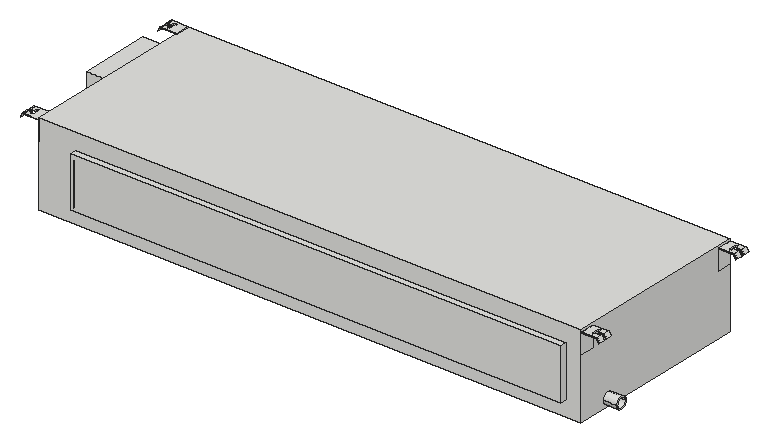
Revit family "GMV-ND71-80PLC1-T", category 机械设备, Revit 2014
Parameters (values of type "GMV-ND80PLS/C1-T")
  高 = 200.00 mm
  风量（m³/h） [instance] = "1200"
  送风口高度 = 122.00 mm
  送风口宽度 = 1185.00 mm
  电源 = "220V~50Hz"
  深 = 450.00 mm
  液管管径 = 9.52 mm
  气管管径 = 15.90 mm
  机外静压(Pa) [instance] = "15/30"
  排水管管径 = 25.00 mm
  宽 = 1310.00 mm
  定位孔（深） = 415.00 mm
  定位孔（宽） = 1360.00 mm
  回风口高度 = 175.00 mm
  回风口宽度 = 1279.00 mm
  制热量(kW) [instance] = "9"
  制冷量(kW) [instance] = "8"
  净重(kg) = "31"
  Width = 1310.00 mm
  Height = 202.344 mm
  Depth = 461.99 mm
Types (2, lengths in mm): name | 风量（m³/h） | 机外静压(Pa) | 制热量(kW) | 制冷量(kW)
  GMV-ND71PLS/C1-T | "1100" | "15/0-50" | "8" | "7.1"
  GMV-ND80PLS/C1-T | "1200" | "15/30" | "9" | "8"
Reference planes
  plane 1 "中心(前/后)": y = 0
  plane 2: z = 0
  plane 3 "中心(左/右)": x = 0
  plane 4: x = 832.7
  plane 5: z = 204.3
  plane 6: x = 779.15
  plane 7: x = -530.85
  plane 8: y = -924.816
  plane 9: y = -509.816
  plane 10: x = -555.85
  plane 11: y = -509.931
  plane 12: x = 804.15
  plane 13: y = -924.989
  plane 14: x = 804.15
  plane 15: x = 744.2
  plane 16: y = -966.724
  plane 17: z = 21.686
  plane 18: y = -874.035
  plane 19: y = -816.097
  plane 20: y = -816.005
  plane 21: z = 199.575
  plane 22: y = -492.374
  plane 23: x = 124.15
  plane 24: y = -586.634
  plane 25: x = 193.45
  plane 26: x = 381.15
  plane 27: x = 714.4
  plane 28: x = 513.9
  plane 29: x = 334.4
  plane 30: x = 133.9
  plane 31: z = 190.5
  plane 32: z = 15.6
  plane 33: x = -530.85
  plane 34: x = 779.15
  plane 35: z = 202.344
  plane 36: y = -954.364
Forms (mm)
  Extrusion 1, solid, material "热镀锌板"
    sketch origin (0, -12.5, 0) x (1, 0, 0) y (0, 1, 0)
      loop
        line (-530.85, -492.374) -> (-530.85, -942.374) -> (779.15, -942.374) -> (779.15, -492.374) -> (-530.85, -492.374)
    from 2.5 to 202.5
  Extrusion 2, solid, material "热镀锌板"
    sketch origin (0, -971.724, 121.11) x (0, 0, -1) y (-1, 0, 0)
      loop
        line (-42.49, 440.8) -> (-42.49, -744.2) -> (79.71, -744.2) -> (79.71, 440.8) -> (-42.49, 440.8)
    from 0 to 24
  Extrusion 3, void
    sketch origin (-14, -966.724, 121.11) x (0, 0, 1) y (-1, 0, 0)
      loop
        line (36.39, 420.8) -> (-73.61, 420.8) -> (-73.61, -752.008) -> (36.39, -752.008) -> (36.39, 420.8)
    from 2.222 to -163.585
  Extrusion 4, solid, material "热镀锌板"
    sketch origin (69.15, -1524, 200.743) x (0, 0, -1) y (0, -1, 0)
      loop
        circle (76.187, -708.091) r 7.95
    from 655.309 to 600
  Extrusion 5, solid, material "热镀锌板"
    sketch origin (69.15, -1524, 200.743) x (0, 0, -1) y (0, -1, 0)
      loop
        circle (116.022, -707.946) r 4.76
    from 655.309 to 600
  Extrusion 6, solid, material "热镀锌板"
    sketch origin (-530.85, -1524, 200.743) x (0, 0, -1) y (0, -1, 0)
      loop
        circle (179.056, -649.965) r 12.5
      loop
        circle (179.056, -649.965) r 13.5
    from 0 to 34
  Extrusion 7, solid, material "热镀锌板"
    sketch origin (779.15, -1524, 199.574) x (0, 0, -1) y (0, -1, 0)
      loop
        circle (177.887, -649.965) r 12.5
      loop
        circle (177.887, -649.965) r 13.5
    from 0 to -34
  Sweep 8, solid, material "热镀锌板"
    path origin (189.15, -512.897, 1197.344) x (1, 0, 0) y (0, 0, 1)
      loop
        line (591, -1046.944) -> (591, -998.769) -> (629.575, -998.769) -> (634.829, -1007.513)
    profile origin (780.15, -512.897, 174.488) x (-1, 0, 0) y (0, -1, 0)
      loop
        line (1, -7.965) -> (1, 27.035) -> (-0.648, 27.035) -> (-0.648, -7.965) -> (1, -7.965)
  Sweep 9, solid, material "热镀锌板"
    path origin (189.15, -927.955, 1197.344) x (1, 0, 0) y (0, 0, 1)
      loop
        line (591, -1046.944) -> (591, -998.769) -> (629.575, -998.769) -> (634.829, -1007.513)
    profile origin (780.15, -927.955, 174.488) x (-1, 0, 0) y (0, -1, 0)
      loop
        line (1, -7.965) -> (1, 27.035) -> (-0.648, 27.035) -> (-0.648, -7.965) -> (1, -7.965)
  Extrusion 10, void
    sketch origin (189.15, -492.374, 1025) x (-1, 0, 0) y (0, 0, 1)
      loop
        line (-574.085, -1009.5) -> (-574.085, -1040.316) -> (704.25, -1040.316) -> (704.25, -1009.5) -> (-574.085, -1009.5)
    from -17.695 to -190
  Extrusion 11, solid, material "封板材质"
    sketch origin (189.15, -497.374, 1200) x (1, 0, 0) y (0, 0, 1)
      loop
        line (574.085, -1009.5) -> (-704.25, -1009.5) -> (-704.25, -1184.4) -> (574.085, -1184.4) -> (574.085, -1009.5)
    from 0 to 10
  Extrusion 12, solid, material "封板材质"
    sketch origin (189.15, 509.584, 3.383) x (1, 0, 0) y (0, 1, 0)
      loop
        line (574.085, -1019.653) -> (-704.25, -1019.653) -> (-704.25, -1191.958) -> (574.085, -1191.958) -> (574.085, -1019.653)
    from 0 to 10
  Extrusion 13, void
    sketch origin (-260.85, 76.753, 199.575) x (0, 1, 0) y (1, 0, 0)
      loop
        arc (-1020.953, -291.282) -> (-1024.453, -294.782) -> (-1020.953, -298.282) r 3.5
        line (-1020.953, -298.282) -> (-1017.678, -298.282) -> (-1017.678, -320.903) -> (-1010.678, -320.903) -> (-1010.678, -298.282) -> (-1006.953, -298.282)
        arc (-1006.953, -298.282) -> (-1003.453, -294.782) -> (-1006.953, -291.282) r 3.5
        line (-1006.953, -291.282) -> (-1020.953, -291.282)
    from 0 to 13.014
  Extrusion 14, void
    sketch origin (809.15, -1536.5, 199.575) x (0, -1, 0) y (-1, 0, 0)
      loop
        arc (-1020.953, 8.718) -> (-1024.453, 5.218) -> (-1020.953, 1.718) r 3.5
        line (-1020.953, 1.718) -> (-1017.678, 1.718) -> (-1017.678, -20.903) -> (-1010.678, -20.903) -> (-1010.678, 1.718) -> (-1006.953, 1.718)
        arc (-1006.953, 1.718) -> (-1003.453, 5.218) -> (-1006.953, 8.718) r 3.5
        line (-1006.953, 8.718) -> (-1020.953, 8.718)
    from 0 to 13.014
  Extrusion 15, void
    sketch origin (809.15, 76.753, 199.575) x (0, -1, 0) y (-1, 0, 0)
      loop
        line (1020.953, 8.718) -> (1006.953, 8.718)
        arc (1006.953, 8.718) -> (1003.453, 5.218) -> (1006.953, 1.718) r 3.5
        line (1006.953, 1.718) -> (1010.678, 1.718) -> (1010.678, -20.903) -> (1017.678, -20.903) -> (1017.678, 1.718) -> (1020.953, 1.718)
        arc (1020.953, 1.718) -> (1024.453, 5.218) -> (1020.953, 8.718) r 3.5
    from 0 to 13.014
  Sweep 16, solid, material "热镀锌板"
    path origin (59.15, -927.955, 1197.344) x (-1, 0, 0) y (0, 0, -1)
      loop
        line (591, 1046.944) -> (591, 998.769) -> (629.575, 998.769) -> (634.829, 1007.513)
    profile origin (-531.85, -927.955, 174.488) x (-1, 0, 0) y (0, -1, 0)
      loop
        line (-1, -7.965) -> (0.648, -7.965) -> (0.648, 27.035) -> (-1, 27.035) -> (-1, -7.965)
  Extrusion 17, solid, material "热镀锌板"
    sketch origin (-530.85, -143.148, 1200) x (0, 1, 0) y (0, 0, 1)
      loop
        line (-428.079, -1009.5) -> (-598.865, -1009.5) -> (-598.865, -1184.4) -> (-428.079, -1184.4) -> (-428.079, -1009.5)
    from -55.309 to 0
  Extrusion 18, void
    sketch origin (-260.505, 491.69, 203.125) x (0, 1, 0) y (1, 0, 0)
      loop
        arc (-1020.953, -291.282) -> (-1024.453, -294.782) -> (-1020.953, -298.282) r 3.5
        line (-1020.953, -298.282) -> (-1017.678, -298.282) -> (-1017.678, -320.903) -> (-1010.678, -320.903) -> (-1010.678, -298.282) -> (-1006.953, -298.282)
        arc (-1006.953, -298.282) -> (-1003.453, -294.782) -> (-1006.953, -291.282) r 3.5
        line (-1006.953, -291.282) -> (-1020.953, -291.282)
    from 0 to 13.014
  Sweep 19, solid, material "热镀锌板"
    path origin (59.495, -513.017, 1200.894) x (-1, 0, 0) y (0, 0, -1)
      loop
        line (591, 1046.944) -> (591, 998.769) -> (629.575, 998.769) -> (634.829, 1007.513)
    profile origin (-531.505, -513.017, 178.037) x (-1, 0, 0) y (0, -1, 0)
      loop
        line (-1, -7.965) -> (0.648, -7.965) -> (0.648, 27.035) -> (-1, 27.035) -> (-1, -7.965)
Cuts and joins
  Extrusion 3 cuts Extrusion 2
  Extrusion 10 cuts Extrusion 1
  Extrusion 14 cuts Sweep 8
  Extrusion 13, Extrusion 15 cuts Sweep 9
  Extrusion 13, Extrusion 18 cuts Sweep 16
  Extrusion 18 cuts Sweep 19
Dimensions and locks
  equal spacing: plane 7, plane 23, plane 6
  "Width": plane 7 to plane 6
  equal spacing: plane 33, plane 23, plane 34
  "Height": plane 35 to level
  "Depth": plane 36 to plane 22
  "气管管径": diameter of Extrusion 4 sketch curve
  "液管管径": diameter of Extrusion 5 sketch curve
  aligned and locked: level to plane 2
  aligned and locked: Extrusion 6 to plane 7
  aligned and locked: Extrusion 4 to plane 7
  aligned and locked: Extrusion 5 to plane 7
  aligned and locked: Extrusion 17 to plane 7
Automatic sketch dimensions
  Extrusion 1 sketch curve to plane 7 = 0.00 mm
  Extrusion 1 sketch curve to plane 6 = 0.00 mm
  plane 22 to Extrusion 1 sketch curve = 12.50 mm
  Extrusion 1 sketch curve to plane 13 = 29.885 mm
  plane 15 to Extrusion 2 sketch curve = 0.00 mm
  plane 31 to Extrusion 2 sketch curve = 26.90 mm
  plane 17 to Extrusion 2 sketch curve = 19.714 mm
  Extrusion 2 sketch curve to plane 7 = 90.05 mm
  plane 17 to Extrusion 3 sketch curve = 25.814 mm
  plane 15 to Extrusion 3 sketch curve = 6.192 mm
  Extrusion 3 sketch curve to plane 7 = 96.05 mm
  Extrusion 6 sketch curve to Extrusion 6 sketch curve = 0.00 mm  (x2)
  Extrusion 6 sketch curve to plane 17 = 0.00 mm
  Extrusion 6 sketch curve to plane 18 = 0.00 mm
  Extrusion 7 sketch curve to Extrusion 7 sketch curve = 0.00 mm  (x2)
  Extrusion 7 sketch curve to plane 17 = 0.00 mm
  Extrusion 7 sketch curve to plane 18 = 0.00 mm
  Sweep 8 sketch curve to plane 6 = 1.00 mm
  Sweep 8 sketch curve to plane 21 = 1.00 mm
  plane 4 to Sweep 8 sketch curve = 13.975 mm
  plane 31 to Sweep 8 sketch curve = 0.67 mm
  plane 4 to Sweep 8 sketch curve = 8.721 mm
  profile plane to Sweep 8 sketch curve = 0.648 mm
  Sweep 8 sketch curve to profile plane = 1.00 mm
  Sweep 8 sketch curve to profile plane = 7.965 mm
  profile plane to Sweep 8 sketch curve = 27.035 mm
  Sweep 9 sketch curve to plane 6 = 1.00 mm
  Sweep 9 sketch curve to plane 21 = 1.00 mm
  plane 4 to Sweep 9 sketch curve = 13.975 mm
  plane 31 to Sweep 9 sketch curve = 0.67 mm
  plane 4 to Sweep 9 sketch curve = 8.721 mm
  profile plane to Sweep 9 sketch curve = 0.648 mm
  Sweep 9 sketch curve to profile plane = 1.00 mm
  Sweep 9 sketch curve to profile plane = 7.965 mm
  profile plane to Sweep 9 sketch curve = 27.035 mm
  plane 6 to Extrusion 10 sketch curve = 15.915 mm
  Extrusion 10 sketch curve to plane 7 = 15.75 mm
  Extrusion 10 sketch curve to level = 15.316 mm
  plane 32 to Extrusion 10 sketch curve = 0.10 mm
  Extrusion 11 sketch curve to plane 31 = 0.00 mm
  Extrusion 11 sketch curve to plane 32 = 0.00 mm
  Extrusion 11 sketch curve to plane 7 = 15.75 mm
  plane 6 to Extrusion 11 sketch curve = 15.915 mm
  Extrusion 12 sketch curve to plane 11 = 0.137 mm
  Extrusion 12 sketch curve to plane 7 = 15.75 mm
  plane 6 to Extrusion 12 sketch curve = 15.915 mm
  plane 24 to Extrusion 12 sketch curve = 95.739 mm
  Extrusion 13 sketch curve to plane 10 = 3.282 mm
  Extrusion 13 sketch curve to plane 13 = 19.212 mm
  Extrusion 13 sketch curve to Extrusion 13 sketch curve = 3.275 mm
  plane 8 to Extrusion 13 sketch curve = 9.109 mm
  plane 10 to Extrusion 13 sketch curve = 0.218 mm
  Extrusion 13 sketch curve to Extrusion 13 sketch curve = 3.725 mm
  plane 10 to Extrusion 13 sketch curve = 3.718 mm
  Extrusion 13 sketch curve to Extrusion 13 sketch curve = 22.621 mm
  plane 12 to Extrusion 14 sketch curve = 3.282 mm
  plane 9 to Extrusion 14 sketch curve = 5.731 mm
  Extrusion 14 sketch curve to Extrusion 14 sketch curve = 3.275 mm
  Extrusion 14 sketch curve to plane 11 = 15.891 mm
  Extrusion 14 sketch curve to plane 12 = 0.218 mm
  Extrusion 14 sketch curve to Extrusion 14 sketch curve = 3.725 mm
  Extrusion 14 sketch curve to plane 12 = 3.718 mm
  plane 4 to Extrusion 14 sketch curve = 2.647 mm
  plane 12 to Extrusion 15 sketch curve = 3.282 mm
  plane 8 to Extrusion 15 sketch curve = 5.385 mm
  plane 8 to Extrusion 15 sketch curve = 9.109 mm
  Extrusion 15 sketch curve to plane 13 = 15.936 mm
  Extrusion 15 sketch curve to Extrusion 15 sketch curve = 3.275 mm
  Extrusion 15 sketch curve to plane 12 = 0.218 mm  (x2)
  plane 4 to Extrusion 15 sketch curve = 2.647 mm
  plane 7 to Sweep 16 sketch curve = 1.00 mm
  Sweep 16 sketch curve to plane 21 = 1.00 mm
  Sweep 16 sketch curve to plane 10 = 14.575 mm
  plane 31 to Sweep 16 sketch curve = 0.67 mm
  Sweep 16 sketch curve to Sweep 16 sketch curve = 5.254 mm
  profile plane to Sweep 16 sketch curve = 1.00 mm
  Sweep 16 sketch curve to profile plane = 0.648 mm
  Sweep 16 sketch curve to profile plane = 7.965 mm
  profile plane to Sweep 16 sketch curve = 27.035 mm
  plane 31 to Extrusion 17 sketch curve = 0.00 mm
  plane 32 to Extrusion 17 sketch curve = 0.00 mm
  Extrusion 17 sketch curve to plane 20 = 73.992 mm
  Extrusion 17 sketch curve to plane 24 = 15.407 mm
  plane 31 to Extrusion 3 sketch curve = 33.00 mm
  plane 31 to Sweep 8 sketch curve = 40.10 mm
  plane 31 to Sweep 9 sketch curve = 40.10 mm
  plane 31 to Sweep 16 sketch curve = 40.10 mm
  Extrusion 18 sketch curve to plane 10 = 2.938 mm
  Extrusion 18 sketch curve to plane 11 = 19.332 mm
  Extrusion 18 sketch curve to Extrusion 18 sketch curve = 3.275 mm
  Extrusion 18 sketch curve to Extrusion 18 sketch curve = 7.00 mm
  Extrusion 18 sketch curve to Extrusion 18 sketch curve = 3.725 mm
  Extrusion 18 sketch curve to Extrusion 18 sketch curve = 3.50 mm  (x2)
  Extrusion 18 sketch curve to Extrusion 18 sketch curve = 22.621 mm
  level to Sweep 19 sketch curve = 202.125 mm
  plane 7 to Sweep 19 sketch curve = 0.655 mm
  Sweep 19 sketch curve to plane 10 = 14.23 mm
  level to Sweep 19 sketch curve = 193.38 mm
  Sweep 19 sketch curve to Sweep 19 sketch curve = 5.254 mm
  Sweep 19 sketch curve to Sweep 19 sketch curve = 48.175 mm
  profile plane to Sweep 19 sketch curve = 1.00 mm
  Sweep 19 sketch curve to profile plane = 0.648 mm
  Sweep 19 sketch curve to profile plane = 7.965 mm
  profile plane to Sweep 19 sketch curve = 27.035 mm
  Extrusion 4 sketch curve to plane 20 = 0.097 mm
  plane 31 to Extrusion 4 sketch curve = 65.945 mm
  Extrusion 5 sketch curve to plane 19 = 0.044 mm
  plane 17 to Extrusion 5 sketch curve = 63.035 mm
  radius of Extrusion 6 sketch curve = 12.50 mm
  radius of Extrusion 6 sketch curve = 13.50 mm
  radius of Extrusion 7 sketch curve = 12.50 mm
  radius of Extrusion 7 sketch curve = 13.50 mm
Connectors
  piping at (-586.159, -815.909, 124.555), diameter 15.9, driven by "气管管径"
    settings: on Extrusion 4, index 1, connector inside diameter 609.6 mm, connector length 0.00 mm, flow factor 0, pipe flow 0.0 L/s, pressure drop 0.0 Pa, fitting loss kfactor 0, connector angle 0.00°, fixture units 0, engagement length 0.00 mm, angle of deflection 0.00°, flow configuration 0, flow direction 0, fitting loss method 0, system type 8, joint type 0, gender type 0, connector reference index -1, connector utility 0, adjustable connector no, is connector primary yes, connector description ""
  piping at (-586.159, -816.054, 84.721), diameter 9.52, driven by "液管管径"
    settings: on Extrusion 5, index 2, connector inside diameter 609.6 mm, connector length 0.00 mm, flow factor 0, pipe flow 0.0 L/s, pressure drop 0.0 Pa, fitting loss kfactor 0, connector angle 0.00°, fixture units 0, engagement length 0.00 mm, angle of deflection 0.00°, flow configuration 0, flow direction 0, fitting loss method 0, system type 7, joint type 0, gender type 0, connector reference index -1, connector utility 0, adjustable connector no, is connector primary no, connector description ""
  piping at (-564.85, -874.035, 21.686), diameter 25, driven by "排水管管径"
    settings: on Extrusion 6, index 3, connector inside diameter 609.6 mm, connector length 0.00 mm, flow factor 0, pipe flow 0.0 L/s, pressure drop 0.0 Pa, fitting loss kfactor 0, connector angle 0.00°, fixture units 0, engagement length 0.00 mm, angle of deflection 0.00°, flow configuration 0, flow direction 0, fitting loss method 0, system type 7, joint type 0, gender type 0, connector reference index -1, connector utility 0, adjustable connector no, is connector primary no, connector description ""
  hvac at (151.604, -968.946, 102.5), driven by "送风口高度", driven by "送风口宽度"
    settings: on cut or joined group of Extrusion 2, Extrusion 3, index 4, duct flow 0.0 L/s, flow factor 0, pres drop 0.0 Pa, loss coef 0, conn angle 0.00°, conn width 1185 mm, conn height 122 mm, conn diameter 609.6 mm, duct sys type 1, conn prof type 1, flow config 0, flow direction 0, loss method 0, conn ref index -1, conn util no, is conn primary yes, conn desc ""
  hvac at (124.068, -497.374, 103.05), driven by "回风口高度", driven by "回风口宽度"
    settings: on Extrusion 11, index 5, duct flow 0.0 L/s, flow factor 0, pres drop 0.0 Pa, loss coef 0, conn angle 0.00°, conn width 1279 mm, conn height 175 mm, conn diameter 609.6 mm, duct sys type 2, conn prof type 1, flow config 0, flow direction 0, loss method 0, conn ref index -1, conn util no, is conn primary no, conn desc ""
